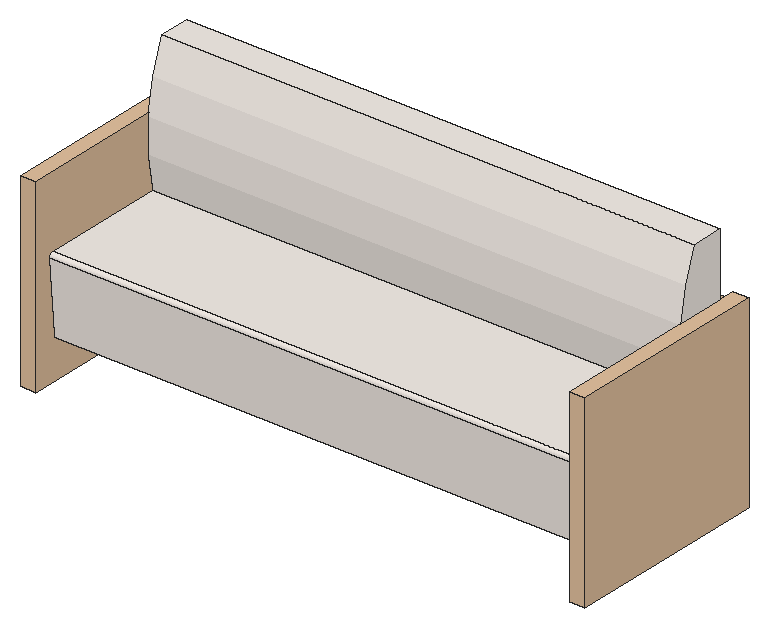
Revit family "Sofa", category Furniture, Revit 2018
Family settings
  OmniClass Number = 23.40.20.14.14.14
  OmniClass Title = Settees, Sofas
  Work Plane-Based = No
  Always vertical = Yes
  Cut with Voids When Loaded = No
  Shared = No
  Room Calculation Point = No
Parameters (values of type "72"")
  Seat Material = Linen, Beige
  Frame Material = Cherry
  Assembly Code = "E2020200"
  Width = 6' - 0"
Types (3): name | Seat Material | Frame Material | Width
  (no name) | Linen, Beige | Cherry | 6' - 0"
  72" | Linen, Beige | Cherry | 6' - 0"
  54" | none | none | 4' - 6"
Reference planes (in)
  plane 1 "Center (Front/Back)": y = 5.7541
  plane 2: z = 0
  plane 3 "Center (Left/Right)": x = 2.77049
  plane 4: y = 18.7541
  plane 5: y = -7.2459
  plane 6: x = 38.77049
  plane 7: x = -33.22951
  plane 8: z = 32
  plane 9: x = -31.22951
  plane 10: y = 16.7541
  plane 11: x = 36.77049
  plane 12: y = -5.2459
Forms (in)
  Extrusion 1, solid, material "Cherry" <- "Frame Material"
    sketch origin (0, 0, 0) x (1, 0, 0) y (0, 1, 0)
      loop
        line (-31.22951, 18.7541) -> (-33.22951, 18.7541) -> (-33.22951, -7.2459) -> (-31.22951, -7.2459) -> (-31.22951, 18.7541)
      loop
        line (36.77049, 18.7541) -> (36.77049, -7.2459) -> (38.77049, -7.2459) -> (38.77049, 18.7541) -> (36.77049, 18.7541)
    from 0 to 24
  Extrusion 2, solid, material "Linen, Beige" <- "Seat Material"
    sketch origin (38.77049, 0, 0) x (0, -1, 0) y (0, 0, 1)
      loop
        line (4.70025, 15) -> (-11.26679, 15)
        arc (-11.26679, 15) -> (-10.57599, 23.6255) -> (-12.7541, 32) r 26
        line (-12.7541, 32) -> (-16.7541, 32) -> (-16.7541, 5.03805) -> (4.37434, 5.03805) -> (5.19834, 14.45642)
        arc (5.19834, 14.45642) -> (5.06889, 14.8378) -> (4.70025, 15) r 0.5
    from 2 to 70
  Extrusion 3, solid, material "Cherry"
    sketch origin (38.77049, 0, 0) x (0, -1, 0) y (0, 0, 1)
      loop
        line (-18.7541, 23) -> (-18.7541, 18) -> (-16.7541, 18) -> (-16.7541, 23) -> (-18.7541, 23)
      loop
        line (-18.7541, 15.5) -> (-18.7541, 10.5) -> (-16.7541, 10.5) -> (-16.7541, 15.5) -> (-18.7541, 15.5)
      loop
        line (-18.7541, 8) -> (-18.7541, 3) -> (-16.7541, 3) -> (-16.7541, 8) -> (-18.7541, 8)
    from 2 to 70
Lines and regions (in)
  Masking region 1
    outline origin (0, 0, 0) x (1, 0, 0) y (0, 1, 0)
      loop
        line (-33.22951, 18.7541) -> (-33.22951, -7.2459) -> (-31.22951, -7.2459) -> (-31.22951, -5.2459) -> (36.77049, -5.2459) -> (36.77049, -7.2459) -> (38.77049, -7.2459) -> (38.77049, 18.7541) -> (-33.22951, 18.7541)
  symbolic lines
    curve 1: line (-31.22951, 18.7541, 0) -> (36.77049, 18.7541, 0)
    curve 2: line (-31.22951, 16.7541, 0) -> (-31.22951, 18.7541, 0)
    curve 3: line (36.77049, 16.7541, 0) -> (-31.22951, 16.7541, 0)
    curve 4: line (36.77049, 18.7541, 0) -> (36.77049, 16.7541, 0)
    curve 5: line (38.77049, -7.2459, 0) -> (36.77049, -7.2459, 0)
    curve 6: line (38.77049, 18.7541, 0) -> (38.77049, -7.2459, 0)
    curve 7: line (36.77049, 18.7541, 0) -> (38.77049, 18.7541, 0)
    curve 8: line (-31.22951, -7.2459, 0) -> (-33.22951, -7.2459, 0)
    curve 9: line (-31.22951, 18.7541, 0) -> (-31.22951, -5.19834, 0)
    curve 10: line (-33.22951, 18.7541, 0) -> (-31.22951, 18.7541, 0)
    curve 11: line (-33.22951, -7.2459, 0) -> (-33.22951, 18.7541, 0)
    curve 12: line (36.77049, -5.19834, 0) -> (36.77049, 18.7541, 0)
    curve 13: line (-31.22951, 12.7541, 0) -> (36.77049, 12.7541, 0)
Dimensions and locks (in)
  equal spacing: plane 7, plane 3 "Center (Left/Right)", plane 6
  equal spacing: plane 5, plane 1 "Center (Front/Back)", plane 4
  "Width": plane 7 to plane 6
  locked: plane 4 to plane 10 at 2
  locked: plane 11 to plane 6 at 2
  locked: plane 7 to plane 9 at 2
  locked: plane 5 to plane 12 at 2
  locked: plane 10 to curve 13 at 4
  aligned and locked: Extrusion 2 to Extrusion 1
  aligned and locked: Extrusion 2 to Extrusion 3
  aligned and locked: Masking region 1 sketch curve to plane 7
  aligned and locked: plane 4 to Masking region 1 sketch curve
  aligned and locked: plane 6 to Masking region 1 sketch curve
  aligned and locked: Masking region 1 sketch curve to plane 5
  aligned and locked: plane 10 to curve 3
  aligned and locked: curve 12 to plane 11
  aligned and locked: plane 9 to curve 9
  aligned and locked: Masking region 1 sketch curve to plane 9
  aligned and locked: Masking region 1 sketch curve to plane 12
  aligned and locked: plane 11 to Masking region 1 sketch curve
  aligned and locked: plane 9 to Extrusion 2
  aligned and locked: Extrusion 1 to plane 9
  aligned and locked: plane 7 to Extrusion 1
Automatic sketch dimensions
  Extrusion 1 sketch curve to plane 5 = 0' - 0"  (x2)
  Extrusion 1 sketch curve to plane 7 = 0' - 2"
  Extrusion 1 sketch curve to plane 4 = 0' - 0"  (x2)
  Extrusion 1 sketch curve to plane 6 = 0' - 0"
  Extrusion 1 sketch curve to Extrusion 1 sketch curve = 0' - 2"
  plane 6 to Extrusion 1 sketch curve = 0' - 2"
  Extrusion 2 sketch curve to plane 8 = 0' - 0"
  Extrusion 2 sketch curve to plane 4 = 1' - 5.72296"
  plane 4 to Extrusion 2 sketch curve = 0' - 2"
  Extrusion 2 sketch curve to Extrusion 2 sketch curve = 0' - 4"
  Extrusion 2 sketch curve to plane 1 "Center (Front/Back)" = 0' - 5.51269"
  Extrusion 2 sketch curve to plane 5 = 0' - 2.87156"
  Extrusion 2 sketch curve to plane 5 = 0' - 2.54565"
  Extrusion 2 sketch curve to Extrusion 2 sketch curve = 0' - 0.4981"
  level to Extrusion 2 sketch curve = 1' - 9.35945"
  Extrusion 2 sketch curve to Extrusion 2 sketch curve = 0' - 0 1/2"
  level to Extrusion 2 sketch curve = 0' - 5.03805"
  Extrusion 3 sketch curve to plane 4 = 0' - 0"  (x3)
  plane 4 to Extrusion 3 sketch curve = 0' - 2"  (x3)
  level to Extrusion 3 sketch curve = 0' - 3"
  Extrusion 3 sketch curve to Extrusion 3 sketch curve = 0' - 5"  (x3)
  Extrusion 3 sketch curve to Extrusion 3 sketch curve = 0' - 2 1/2"  (x2)
  Masking region 1 sketch curve to plane 5 = 0' - 0"
  curve 11 to plane 4 = 0' - 0"
  curve 11 to plane 7 = 0' - 0"
  curve 8 to plane 5 = 0' - 0"
  curve 8 to plane 9 = 0' - 0"
  curve 5 to plane 5 = 0' - 0"
  curve 5 to plane 11 = 0' - 0"
  curve 6 to plane 6 = 0' - 0"
  plane 12 to curve 9 = 0' - 0.04756"
  plane 12 to curve 12 = 0' - 0.04756"
